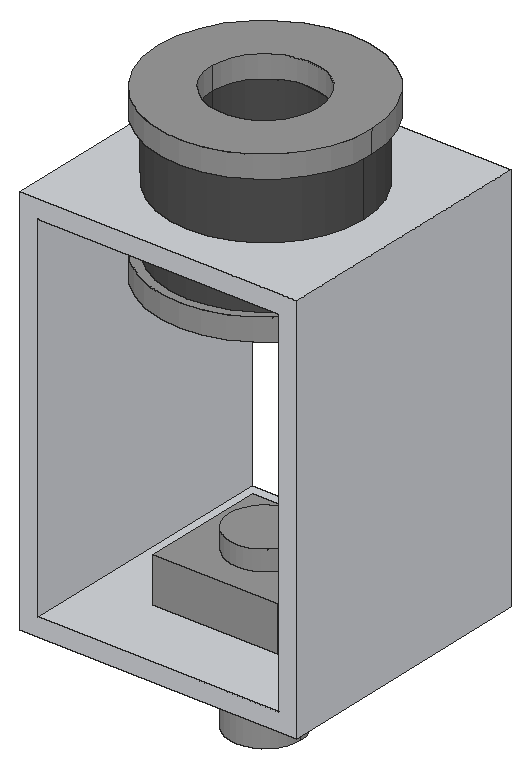
Revit family "Dämmelement DHL", category HLS-Bauteile, Revit 2017
Family settings
  Bemaßung runder Anschluss = Durchmesser verwenden
  Teiletyp = Normal
  Arbeitsebenenbasiert = Nein
  Immer vertikal = Ja
  Beim Laden mit Abzugskörper schneiden = Nein
  Gemeinsam genutzt = Ja
  Raumberechnungspunkt = Nein
Parameters (values of type "DHL Dämmelent M10")
  vpe = "50 St"
  passend für = ""
  max. zul. Last Druck = 0.00 kN
  max. zul. Last = 1.00 kN
  max. Temperaturbeständigkeit = "100 °C"
  d3 = 44 mm
  d2 = 31 mm
  d1 = 10 mm
  Shore-Härte = ""
  Schalldämmeinlage = "Gummi SBR"
  Regelhalter [instance] = ""
  Oberflaeche = "galvanisch verzinkt"
  Mengeneinheit = "St"
  Materialname = "S235"
  Material Dämmelement = ""
  Material = "Stahl"
  MB = 30 mm
  Lasttyp = ""
  Kurztext2 = "M10"
  Kurztext1 = "Dämmelement DHL"
  Höhe = ""
  Gewinde = "M10"
  Gewicht pro Bauteil = Gewicht  # 0.0951 kg
  Gewicht = 0.0951 kg
  Firma = "MEFA Befestigungs- und Montagesysteme GmbH"
  Fabrikat = "MEFA"
  EAN = "4250928418760"
  DF2 = 27 mm
  DF1 = 40 mm
  Artikelnummer = "0783302"
  Anschluss = ""
Types (3, lengths in mm): name | d1 | Kurztext2 | Gewinde | Gewicht pro Bauteil | Gewicht | EAN | Artikelnummer
  (no name) | 10 | "M10" | "M10" | 0.0951 kg | 0.0951 kg | "4250928418760" | "0783302"
  DHL Dämmelent M 8 | 7.993 | "M8" | "M8" | 0.0893 kg | 0.0893 kg | "4250928418753" | "0783301"
  DHL Dämmelent M10 | 10 | "M10" | "M10" | 0.0951 kg | 0.0951 kg | "4250928418760" | "0783302"
Reference planes
  plane 1 "Mitte (Vorne/hinten)": y = 0
  plane 2: z = 0
  plane 3 "Mitte (Links/rechts)": x = 0
  plane 4: y = -15
  plane 5: z = 20.902
Forms (mm)
  Extrusion 1, solid
    sketch origin (0, 0, 0) x (1, 0, 0) y (0, 0, 1)
      loop
        line (15.5, 22) -> (-15.5, 22) -> (-15.5, -22) -> (15.5, -22) -> (15.5, 22)
      loop
        line (13.5, 20) -> (-13.5, 20) -> (-13.5, -20) -> (13.5, -20) -> (13.5, 20)
    from 0 to 30
  Extrusion 2, void
    sketch origin (0, 0, 0) x (1, 0, 0) y (0, 1, 0)
      loop
        circle (0, -15) r 5
    from 22 to -22
Cuts and joins
  Extrusion 2 cuts Extrusion 1
Dimensions and locks
  equal spacing: Extrusion 1 sketch curve, level, Extrusion 1 sketch curve  (x2)
  equal spacing: Extrusion 1 sketch curve, plane 3 "Mitte (Links/rechts)", Extrusion 1 sketch curve  (x2)
  "d2": Extrusion 1 sketch curve to Extrusion 1 sketch curve
  "d3": Extrusion 1 sketch curve to Extrusion 1 sketch curve
  "DF2": Extrusion 1 sketch curve to Extrusion 1 sketch curve
  "DF1": Extrusion 1 sketch curve to Extrusion 1 sketch curve
  "MB": Extrusion 1 to Extrusion 1
  equal spacing: Extrusion 1, plane 4, plane 1 "Mitte (Vorne/hinten)", locked at 15 each
  cut or joined group of Extrusion 1, Extrusion 2 to nested 4 = 9.402 mm
  nested 2 to nested 2 = 20 mm
  "d1": diameter of Extrusion 2 sketch curve
  aligned and locked: level to plane 2
  aligned and locked: Extrusion 1 to Extrusion 2  (x2)
  aligned and locked: plane 3 "Mitte (Links/rechts)" to nested 1
  aligned and locked: nested 1 to plane 4
  aligned and locked: plane 3 "Mitte (Links/rechts)" to nested 2
  aligned and locked: nested 2 to plane 4
  aligned and locked: nested 3 to plane 4
  aligned and locked: plane 3 "Mitte (Links/rechts)" to nested 3
  aligned and locked: nested 4 to nested 3
  aligned and locked: nested 4 to plane 4
  aligned and locked: nested 4 to plane 3 "Mitte (Links/rechts)"
  aligned and locked: nested 5 to cut or joined group of Extrusion 1, Extrusion 2
  aligned and locked: plane 3 "Mitte (Links/rechts)" to nested 5
  aligned and locked: nested 1 to nested 5
  aligned and locked: nested 5 to plane 4
  aligned and locked: nested 2 to nested 1
  aligned and locked: nested 6 to plane 4
  aligned and locked: nested 6 to cut or joined group of Extrusion 1, Extrusion 2
  aligned and locked: plane 3 "Mitte (Links/rechts)" to nested 6
Automatic sketch dimensions
  Extrusion 2 sketch curve to plane 3 "Mitte (Links/rechts)" = 0 mm
  Extrusion 2 sketch curve to plane 4 = 0 mm
Nested families
  nested 1: "unterlegscheibe" at (0, -15, 12.5), type "unterlegscheibe"
  nested 2: "Gewindestift" at (0, -15, -32.793), type "Gewindestift"
  nested 3: "Gummiring" at (0, -15, 20.902), type "Gummiring 0009701"
  nested 4: "unterlegscheibe" at (0, -15, 28.902), type "unterlegscheibe"
  nested 5: "Gummiring" at (0, -15, 15), type "Gummiring 0009700"
  nested 6: "4-kant Mutter für DHL" at (0, -15, -20), type "4-kant Mutter M8"
Definition of nested family "unterlegscheibe"
  Parameters (values of type "unterlegscheibe")
    d2 = 12 mm
    d1 = 24 mm
    Regelhalter [instance] = ""
    H = 2.5 mm
    Firma = "MEFA Befestigungs- und Montagesysteme GmbH"
  Reference planes
    plane 1 "Mitte (Vorne/hinten)": y = 0
    plane 2: z = 0
    plane 3 "Mitte (Links/rechts)": x = 0
  Forms (mm)
    Extrusion 1, solid
      sketch origin (0, 0, 0) x (1, 0, 0) y (0, 1, 0)
        loop
          circle (0, 0) r 12
      from 0 to 2.5
    Extrusion 2, void
      sketch origin (0, 0, 0) x (1, 0, 0) y (0, 1, 0)
        loop
          circle (0, 0) r 6
      from 0 to 3
  Cuts and joins
    Extrusion 2 cuts Extrusion 1
  Dimensions and locks
    "H": cut or joined group of Extrusion 1, Extrusion 2 to cut or joined group of Extrusion 1, Extrusion 2
    "d1": diameter of Extrusion 1 sketch curve
    "d2": diameter of Extrusion 2 sketch curve
    aligned and locked: level to plane 2
  Automatic sketch dimensions
    plane 1 "Mitte (Vorne/hinten)" to Extrusion 1 sketch curve = 0 mm
    Extrusion 1 sketch curve to plane 3 "Mitte (Links/rechts)" = 0 mm
    plane 1 "Mitte (Vorne/hinten)" to Extrusion 2 sketch curve = 0 mm
    Extrusion 2 sketch curve to plane 3 "Mitte (Links/rechts)" = 0 mm
Definition of nested family "Gewindestift"
  Parameters (values of type "Gewindestift")
    d1 = 8 mm
    Regelhalter [instance] = ""
    H = 20 mm
    Firma = "MEFA Befestigungs- und Montagesysteme GmbH"
  Reference planes
    plane 1 "Mitte (Vorne/hinten)": y = 0
    plane 2: z = 0
    plane 3 "Mitte (Links/rechts)": x = 0
  Forms (mm)
    Extrusion 1, solid
      sketch origin (0, 0, 0) x (1, 0, 0) y (0, 1, 0)
        loop
          circle (0, 0) r 4
      from 0 to 20
  Dimensions and locks
    "H": Extrusion 1 to Extrusion 1
    "d1": diameter of Extrusion 1 sketch curve
    aligned and locked: level to plane 2
  Automatic sketch dimensions
    plane 1 "Mitte (Vorne/hinten)" to Extrusion 1 sketch curve = 0 mm
    Extrusion 1 sketch curve to plane 3 "Mitte (Links/rechts)" = 0 mm
Definition of nested family "Gummiring"
  Parameters (values of type "Gummiring 0009700")
    d2 = 12 mm
    d1 = 22 mm
    Regelhalter [instance] = ""
    H = 5 mm
    Firma = "MEFA Befestigungs- und Montagesysteme GmbH"
  Types (2, lengths in mm): name | H
    Gummiring 0009700 | 5
    Gummiring 0009701 | 8
  Reference planes
    plane 1 "Mitte (Vorne/hinten)": y = 0
    plane 2: z = 0
    plane 3 "Mitte (Links/rechts)": x = 0
  Forms (mm)
    Extrusion 1, solid
      sketch origin (0, 0, 0) x (1, 0, 0) y (0, 1, 0)
        loop
          circle (0, 0) r 11
      from 0 to 5
    Extrusion 2, void
      sketch origin (0, 0, 0) x (1, 0, 0) y (0, 1, 0)
        loop
          circle (0, 0) r 6
      from 0 to 5
  Cuts and joins
    Extrusion 2 cuts Extrusion 1
  Dimensions and locks
    "H": cut or joined group of Extrusion 1, Extrusion 2 to cut or joined group of Extrusion 1, Extrusion 2
    "d1": diameter of Extrusion 1 sketch curve
    "d2": diameter of Extrusion 2 sketch curve
    aligned and locked: level to plane 2
    aligned and locked: Extrusion 1 to Extrusion 2
  Automatic sketch dimensions
    plane 1 "Mitte (Vorne/hinten)" to Extrusion 1 sketch curve = 0 mm
    Extrusion 1 sketch curve to plane 3 "Mitte (Links/rechts)" = 0 mm
    plane 1 "Mitte (Vorne/hinten)" to Extrusion 2 sketch curve = 0 mm
    Extrusion 2 sketch curve to plane 3 "Mitte (Links/rechts)" = 0 mm
Definition of nested family "4-kant Mutter für DHL"
  Parameters (values of type "4-kant Mutter M10")
    d1 = 8.5 mm
    Regelhalter [instance] = ""
    MD = 15 mm
    MB = 15 mm
    H = 5 mm
    Firma = "MEFA Befestigungs- und Montagesysteme GmbH"
  Types (2, lengths in mm): name | d1 | MD | MB
    4-kant Mutter M8 | 6.8 | 14 | 14
    4-kant Mutter M10 | 8.5 | 15 | 15
  Reference planes
    plane 1 "Mitte (Vorne/hinten)": y = 0
    plane 2: z = 0
    plane 3 "Mitte (Links/rechts)": x = 0
    plane 4: x = -7.5
    plane 5: x = 7.5
    plane 6: y = 7.5
    plane 7: y = -7.5
  Forms (mm)
    Extrusion 1, solid
      sketch origin (0, 0, 0) x (1, 0, 0) y (0, 1, 0)
        loop
          line (-7.5, 7.5) -> (-7.5, -7.5) -> (7.5, -7.5) -> (7.5, 7.5) -> (-7.5, 7.5)
      from 0 to 5
    Extrusion 2, void
      sketch origin (0, 0, 0) x (1, 0, 0) y (0, 1, 0)
        loop
          circle (0, 0) r 4.25
      from 0 to 8
  Cuts and joins
    Extrusion 2 cuts Extrusion 1
  Dimensions and locks
    equal spacing: plane 6, plane 1 "Mitte (Vorne/hinten)", plane 7
    equal spacing: plane 4, plane 3 "Mitte (Links/rechts)", plane 5
    "MB": plane 6 to plane 7
    "MD": plane 4 to plane 5
    "H": cut or joined group of Extrusion 1, Extrusion 2 to cut or joined group of Extrusion 1, Extrusion 2
    "d1": diameter of Extrusion 2 sketch curve
    aligned and locked: level to plane 2
    aligned and locked: Extrusion 1 sketch curve to plane 6
    aligned and locked: plane 4 to Extrusion 1 sketch curve
    aligned and locked: plane 7 to Extrusion 1 sketch curve
    aligned and locked: Extrusion 1 sketch curve to plane 5
  Automatic sketch dimensions
    plane 1 "Mitte (Vorne/hinten)" to Extrusion 2 sketch curve = 0 mm
    Extrusion 2 sketch curve to plane 3 "Mitte (Links/rechts)" = 0 mm
